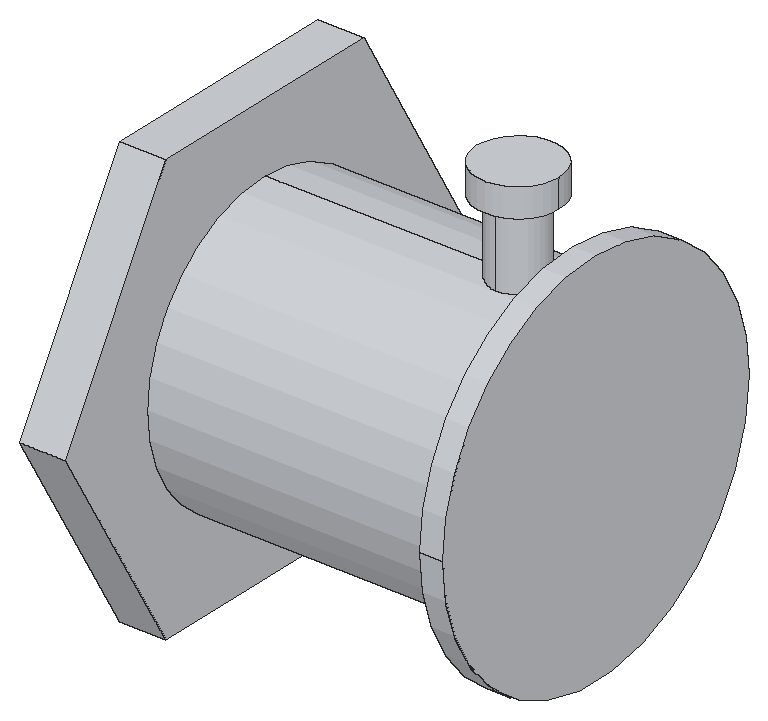
Revit family "M_Conector do conduíte - Parafuso - Zinco fundido", category Conexões do conduite, Revit 2019
Family settings
  Cota do conector redondo = Usar raio
  Tipo de parte = Múltiplas portas
  Número OmniClass = 23.80.30.17.11
  Título OmniClass = Conduits
  ID de item do Seek = Conduit Connector - Set Screw - Die Cast Zinc-0000-CAN-ENU
  Com base no plano de trabalho = Não
  Sempre na vertical = Sim
  Corte com vazios quando carregada = Não
  Compartilhado = Não
Parameters (values of type "Padrão")
  Comprimento da rosca [instance] = 0.2 * Comprimento  # 5.874 mm
  Raio 2 [instance] = 0.75 * Comprimento 5  # 2.551 mm
  Raio 1 [instance] = 0.5 * Comprimento 5  # 1.701 mm
  Espessura da porca [instance] = 0.12 * Diâmetro externo final  # 2.858 mm
  Raio nominal [instance] = 8 mm
  Diâmetro nominal [instance] = Raio nominal * 2  # 16 mm
  Comprimento 6 [instance] = 0.15 * Raio externo final  # 1.786 mm
  Comprimento 5 [instance] = Diâmetro externo final / 7  # 3.402 mm
  Comprimento 4 [instance] = Comprimento 2 * cos(30.00°)  # 13.404 mm
  Comprimento 3 [instance] = Comprimento 2 * sin(30.00°)  # 7.739 mm
  Comprimento 2 [instance] = 1.3 * Raio externo final  # 15.478 mm
  Comprimento 1 [instance] = Comprimento - Comprimento da rosca  # 23.495 mm
  Raio externo da conexão [instance] = Diâmetro externo da conexão / 2  # 9.128 mm
  Diâmetro externo da conexão [instance] = size_lookup(Pesquisa de tamanho de conduite, "FOD", 1.11 * Diâmetro nominal + 2.58 mm, Diâmetro nominal)  # 18.256 mm
  Espessura final [instance] = 0.06 * Diâmetro externo final  # 1.429 mm
  Raio externo final [instance] = Diâmetro externo final / 2  # 11.906 mm
  Diâmetro externo final [instance] = size_lookup(Pesquisa de tamanho de conduite, "EOD", 1.22 * Diâmetro nominal + 6.35 mm, Diâmetro nominal)  # 23.813 mm
  Comprimento [instance] = size_lookup(Pesquisa de tamanho de conduite, "Lgt", 0.76 * Diâmetro nominal + 23.912 mm, Diâmetro nominal)  # 29.369 mm
  Pesquisa de tamanho de conduite = "M_Conduit Connector - Set Screw - Die Cast Zinc"
Reference planes
  plane 1 "Centro (Frente/Trás)": y = 0
  plane 2: z = 0
  plane 3 "Centro (Esquerda/Direita)": x = 0
  plane 4: y = 15.478
  plane 5: y = -15.478
  plane 6: y = 7.739
  plane 7: y = -7.739
  plane 8: z = 13.404
  plane 9: z = -13.404
  plane 10: z = 15.478
  plane 11: x = 22.066
  plane 12: x = 18.664
  plane 13: x = 23.495
  plane 14: x = 2.858
  plane 15: z = 13.692
Forms (mm)
  Extrusion 1, solid, detail levels fine
    sketch origin (0, 0, 0) x (0, 1, 0) y (0, 0, 1)
      loop
        line (7.739, 13.404) -> (-7.739, 13.404) -> (-15.478, 0) -> (-7.739, -13.404) -> (7.739, -13.404) -> (15.478, 0) -> (7.739, 13.404)
    from 0 to 2.858
  Extrusion 2, solid, detail levels fine
    sketch origin (0, 0, 0) x (0, 1, 0) y (0, 0, 1)
      loop
        circle (0, 0) r 8
    from 0 to 2.857
  Sweep 3, solid, detail levels fine
    path origin (0, 0, 0) x (1, 0, 0) y (0, 1, 0)
      loop
        line (22.066, 0) -> (23.495, 0)
    profile origin (22.781, 0, 0) x (0, 1, 0) y (0, 0, 1)
      loop
        circle (0, 0) r 11.906
  Sweep 4, solid, detail levels fine
    path origin (0, 0, 0) x (1, 0, 0) y (0, 0, 1)
      loop
        line (18.664, 13.692) -> (18.664, 15.478)
    profile origin (18.664, 0, 14.585) x (-1, 0, 0) y (0, -1, 0)
      loop
        circle (0, 0) r 2.551
  Sweep 5, solid, detail levels fine
    path origin (0, 0, 0) x (1, 0, 0) y (0, 0, 1)
      loop
        line (18.664, 13.692) -> (18.664, 0)
    profile origin (18.664, 0, 6.846) x (0, -1, 0) y (1, 0, 0)
      loop
        circle (0, 0) r 1.701
  Sweep 6, solid, detail levels fine
    path origin (0, 0, 0) x (1, 0, 0) y (0, 0, 1)
      loop
        line (2.858, 0) -> (22.066, 0)
    profile origin (12.462, 0, 0) x (0, 0, 1) y (0, -1, 0)
      loop
        circle (0, 0) r 9.128
Cuts and joins
  joined: Extrusion 1, Extrusion 2, Sweep 3, Sweep 4, Sweep 5, Sweep 6
Lines and regions (mm)
  model lines, detail levels coarse+medium
    curve 1: line (0, 0, 0) -> (2.858, 0, 0)
    curve 2: line (0, 0, 0) -> (23.495, 0, 0)
Dimensions and locks
  "Comprimento 2": plane 4 to plane 1 "Centro (Frente/Trás)"
  equal spacing: plane 4, plane 1 "Centro (Frente/Trás)", plane 5
  "Comprimento 3": plane 6 to plane 1 "Centro (Frente/Trás)"
  equal spacing: plane 6, plane 1 "Centro (Frente/Trás)", plane 7
  "Comprimento 4": plane 8 to plane 2
  equal spacing: plane 8, plane 2, plane 9
  "Comprimento 4": Extrusion 1 sketch curve to plane 2
  "Comprimento 4": plane 1 "Centro (Frente/Trás)" to Extrusion 1 sketch curve
  "Comprimento 4": Extrusion 1 sketch curve to plane 1 "Centro (Frente/Trás)"
  "Comprimento 2": plane 10 to plane 2
  "Comprimento 5": plane 12 to plane 11
  "Espessura final": plane 11 to plane 13
  "Espessura da porca": plane 3 "Centro (Esquerda/Direita)" to plane 14
  "Comprimento 1": plane 3 "Centro (Esquerda/Direita)" to plane 13
  "Comprimento 4": plane 9 to plane 2
  "Comprimento 6": plane 15 to plane 10
  "Raio nominal": radius of Extrusion 2 sketch curve
  "Raio externo final": radius of Sweep 3 sketch curve
  "Raio 2": radius of Sweep 4 sketch curve
  "Raio 1": radius of Sweep 5 sketch curve
  "Raio externo da conexão": radius of Sweep 6 sketch curve
  aligned and locked: plane 6 to Extrusion 1 sketch curve
  aligned and locked: Extrusion 1 sketch curve to plane 8
  aligned and locked: plane 7 to Extrusion 1 sketch curve  (x2)
  aligned and locked: plane 9 to Extrusion 1 sketch curve  (x2)
  aligned and locked: plane 2 to Extrusion 1 sketch curve
  aligned and locked: plane 5 to Extrusion 1 sketch curve
  aligned and locked: plane 4 to Extrusion 1 sketch curve
  aligned and locked: Extrusion 1 to plane 3 "Centro (Esquerda/Direita)"
  aligned and locked: plane 3 "Centro (Esquerda/Direita)" to curve 1
  aligned and locked: plane 1 "Centro (Frente/Trás)" to curve 1
  aligned and locked: plane 1 "Centro (Frente/Trás)" to Extrusion 2 sketch curve
  aligned and locked: plane 2 to Extrusion 2 sketch curve
  aligned: Extrusion 2 to plane 3 "Centro (Esquerda/Direita)"
  aligned and locked: plane 3 "Centro (Esquerda/Direita)" to curve 2
  aligned and locked: curve 2 to level
  aligned and locked: plane 1 "Centro (Frente/Trás)" to Sweep 3 sketch curve  (x2)
  aligned and locked: plane 13 to Sweep 3 sketch curve
  aligned and locked: plane 11 to Sweep 3 sketch curve
  aligned and locked: plane 2 to Sweep 3 sketch curve
  aligned and locked: Sweep 4 sketch curve to plane 12
  aligned and locked: plane 10 to Sweep 4 sketch curve
  aligned and locked: plane 15 to Sweep 4 sketch curve
  aligned and locked: plane 12 to Sweep 4 sketch curve
  aligned and locked: plane 1 "Centro (Frente/Trás)" to Sweep 4 sketch curve
  aligned and locked: Extrusion 1 to plane 14
  aligned and locked: Sweep 5 sketch curve to plane 12
  aligned and locked: plane 15 to Sweep 5 sketch curve
  aligned and locked: plane 2 to Sweep 5 sketch curve
  aligned and locked: plane 1 "Centro (Frente/Trás)" to Sweep 5 sketch curve
  aligned and locked: plane 12 to Sweep 5 sketch curve
  aligned and locked: plane 14 to Sweep 6 sketch curve
  aligned and locked: plane 11 to Sweep 6 sketch curve
  aligned and locked: Sweep 6 sketch curve to plane 2
  aligned and locked: plane 1 "Centro (Frente/Trás)" to Sweep 6 sketch curve
  aligned and locked: plane 2 to Sweep 6 sketch curve
Automatic sketch dimensions
  plane 11 to curve 2 = 1.429 mm
  plane 3 "Centro (Esquerda/Direita)" to curve 1 = 2.858 mm
Connectors
  cabletrayconduit at (0, 0, 0), diameter 16, driven by "Raio nominal"
    settings: on Extrusion 2, index 1, connector width 304.8 mm, connector height 304.8 mm, connector angle 0.00°, system type 32, placement type 0, profile type 0, connector reference index 2, is primary connector yes, connector utility param no, connector description ""
  cabletrayconduit at (23.495, 0, 0), diameter 16, driven by "Raio nominal"
    settings: on Sweep 3, index 2, connector width 304.8 mm, connector height 304.8 mm, connector angle 0.00°, system type 32, placement type 0, profile type 0, connector reference index 1, is primary connector no, connector utility param no, connector description ""
